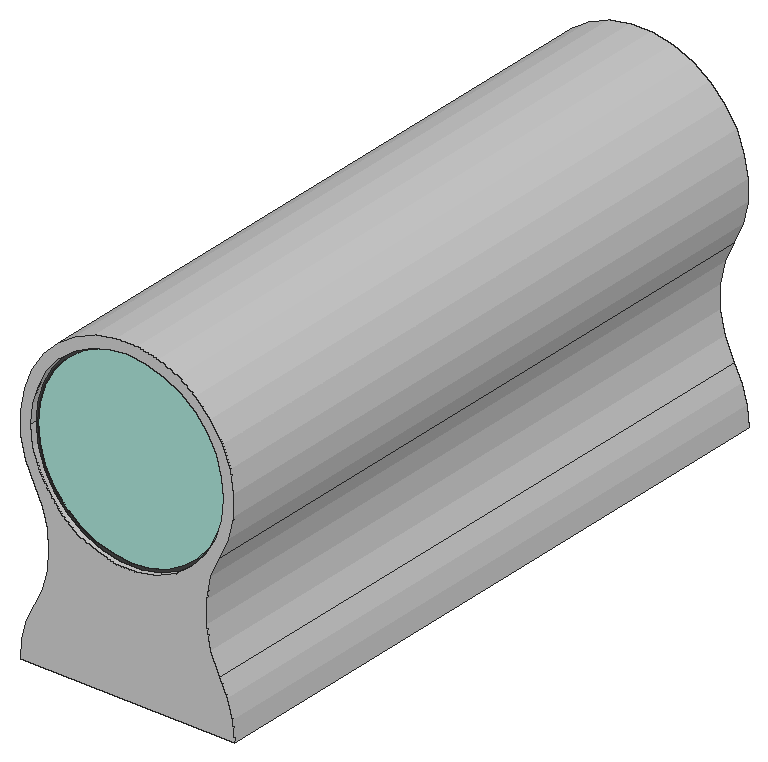
Revit family "Intono 3.1", category Lighting Fixtures, host Face, Revit 2017
Family settings
  Host = Face
  Round Connector Dimension = Use Diameter
  Part Type = Normal
  Cut with Voids When Loaded = Yes
  Light Source = Yes
  Shared = No
  Room Calculation Point = Yes
Parameters (values of type "Intono 3.1 A (3000K 10W 230Vac)")
  Wiring = "parallel"
  Width mm = 121 mm
  Weight kg = "2.20 kg"
  Wattage = 5.53379 W
  built-in parameter 1150110 = 1 (stored number, unit not read)
  Voltage = 230 V
  URL Accessories and power supply units = "https://www.lucelight.it/en/prodotto.php/122303#a-scheda-accessori"
  URL = "https://www.lucelight.it/en/prodotto.php/122303"
  built-in parameter 1114217 = 1 (stored number, unit not read)
  Tiltable = "-"
  URL Technical sheet = "https://www.lucelight.it/media/prodotti/st/ST_INTONO_31-32.pdf"
  URL Image = "https://www.lucelight.it/media/prodotti/foto/intono_3.1_still.jpg"
  URL IES Photometric file = "https://www.lucelight.it/media/prodotti/fotometrie/intono_3.1_ies.zip"
  URL General code = "https://www.lucelight.it/en/prodotto.php/122303#a-generacodice"
  URL Description = "https://www.lucelight.it/en/capitolato.php/122303"
  URL DXF = "https://www.lucelight.it/media/prodotti/dxf/intono_3.1.dxf"
  URL Catalogue = "https://www.lucelight.it/media/prodotti/mf_brochure/intono_brochure_en.pdf"
  Tilt Angle = 180.00°
  built-in parameter 1150109 = 1 (stored number, unit not read)
  built-in parameter 1150134 = (empty or 0)
  built-in parameter 1150113 = 1 (stored number, unit not read)
  Screen = L&L_Black-serigraphed
  Power supply unit = "built in"
  Power supply = "230Vac"
  Power cables = "-"
  Power = "10W"
  Photometric Web File = "INTONO 3.1 A [3000K 10W 230Vac].IES"
  Optics = "asymmetrical"
  Notes = "version compatible with Google Home or Amazon Echo available on request for voice command control; DALI version available on request"
  No. and type of led = "1 high power density COB LED, 2-step MacAdam, 50 000h L95 B10 (Ta 25°C)"
  Mounting = "surface mounted (wall)"
  Model = "Intono 3.1"
  Material = "body in die-cast aluminium, screen in black-serigraphed, tempered, transparent extra-clear glass"
  Manufacturer = "L&L Luce&Light"
  built-in parameter 1150105 = 65.413 (stored number, unit not read)
  Lumens = 822 lm
  built-in parameter 1150115 = 1 (stored number, unit not read)
  Lumen output at source = "988 lm (3000K, CRI 80), 822 lm (3000K, CRI 90)"
  built-in parameter 1150137 = (empty or 0)
  built-in parameter 1150139 = (empty or 0)
  Lens = L&L_Tempered extra-clear glass
  Length mm = 80 mm
  built-in parameter 1150112 = 1 (stored number, unit not read)
  built-in parameter 1150114 = 1 (stored number, unit not read)
  LED Colour = "3000K (also available: 2700K and 4000K - ref. URL Technical sheet)"
  built-in parameter 1150132 = 2
  built-in parameter 1150102 = (empty or 0)
  built-in parameter 1150107 = 3000 (stored number, unit not read)
  built-in parameter 1150138 = (empty or 0)
  built-in parameter 1150106 = 0.65413 (stored number, unit not read)
  IP = "IP65"
  Height mm = 240 mm
  Features = "-"
  Energy efficiency class = "A A+ A++"
  Emit from Line Length = 609.6 mm
  built-in parameter 1150104 = 13.8 (stored number, unit not read)
  Dimming Lamp Color Temperature Shift = <None>
  Description = "Wall mounted for outdoor applications"
  Delivered lumen output = "837 lm (3000K, 15°, CRI 80), 696 lm (3000K, 15°, CRI 90)"
  Default Elevation = 1219.2 mm
  Cutout dimensions = "-"
  Control system = "1-10V, ON/OFF"
  Contact = "T: +39 0444 360571; E: lucelight@lucelight.it"
  Company = "L&L Luce&Light"
  Color Filter = 16777215
  Code = "-"
  CRI = "90 (also available: CRI 80 - ref. URL Technical sheet)"
  Body = L&L_Die-cast aluminium
  built-in parameter 1114218 = 1 (stored number, unit not read)
  built-in parameter 1150133 = 10 (stored number, unit not read)
  Apparent Load Phase 1 = 10 W
  Apparent Load = 0 VA
Types (6, lengths in mm): name | Photometric Web File | Optics
  Intono 3.1 A (3000K 10W 230Vac) | "INTONO 3.1 A [3000K 10W 230Vac].IES" | "asymmetrical"
  Intono 3.1 L 43° (3000K 10W 230Vac) | "INTONO 3.1 L 43° [3000K 10W 230Vac].IES" | "43°"
  Intono 3.1 M 20° (3000K 10W 230Vac) | "INTONO 3.1 M 20° [3000K 10W 230Vac].IES" | "20°"
  Intono 3.1 S 15° (3000K 10W 230Vac) | "INTONO 3.1 S 15° [3000K 10W 230Vac].IES" | "15°"
  Intono 3.1 W (3000K 10W 230Vac) | "INTONO 3.1 W [3000K 10W 230Vac].IES" | "wall grazing"
  Intono 3.1 Z 11° (3000K 10W 230Vac) | "INTONO 3.1 Z 11° [3000K 10W 230Vac].IES" | "asymmetrical 11°"
Reference planes
  plane 1 "Center (Front/Back)": y = 0
  plane 2: z = 0
  plane 3 "Center (Left/Right)": x = 0
  plane 4: z = 30.8
Forms (mm)
  Extrusion 1, solid, material "L&L_Die-cast aluminium" <- "Body", detail levels coarse
    sketch origin (0, 120, 0.3) x (1, 0, 0) y (0, 0, 1)
      loop
        line (-40, 120.7) -> (-40, -0.3) -> (40, -0.3) -> (40, 120.7) -> (-40, 120.7)
    from 0 to 240
  Extrusion 2, solid, material "L&L_Die-cast aluminium" <- "Body", detail levels fine
    sketch origin (0, 120, 0.3) x (1, 0, 0) y (0, 0, 1)
      loop
        arc (-34.641, 60.7) -> (-29.282, 40.7) -> (-34.641, 20.7) r 40
        arc (-34.641, 20.7) -> (-38.637, 11.053) -> (-40, 0.7) r 40
        line (-40, 0.7) -> (40, 0.7)
        arc (40, 0.7) -> (38.637, 11.053) -> (34.641, 20.7) r 40
        arc (34.641, 20.7) -> (29.282, 40.7) -> (34.641, 60.7) r 40
        arc (34.641, 60.7) -> (0, 120.7) -> (-34.641, 60.7) r 40
    from 0 to 240
  Extrusion 3, void
    sketch origin (0, 0, 24.8) x (1, 0, 0) y (0, 0, 1)
      loop
        circle (0, 56.2) r 36
    from 116.95 to 129.365
  Extrusion 4, solid, material "L&L_Die-cast aluminium" <- "Body", detail levels medium
    sketch origin (0, 120, 0.3) x (1, 0, 0) y (0, 0, 1)
      loop
        arc (-34.641, 60.7) -> (-29.282, 40.7) -> (-34.641, 20.7) r 40
        arc (-34.641, 20.7) -> (-38.637, 11.053) -> (-40, 0.7) r 40
        line (-40, 0.7) -> (40, 0.7)
        arc (40, 0.7) -> (38.637, 11.053) -> (34.641, 20.7) r 40
        arc (34.641, 20.7) -> (29.282, 40.7) -> (34.641, 60.7) r 40
        arc (34.641, 60.7) -> (0, 120.7) -> (-34.641, 60.7) r 40
    from 0 to 240
  Extrusion 5, solid, detail levels medium+fine
    sketch origin (0, 0, 0) x (1, 0, 0) y (0, 1, 0)
      loop
        arc (37, 50) -> (0, 87) -> (-37, 50) r 37
        line (-37, 50) -> (-37, -50)
        arc (-37, -50) -> (0, -87) -> (37, -50) r 37
        line (37, -50) -> (37, 50)
    from 0 to 1
  Extrusion 6, solid, material "L&L_Black-serigraphed" <- "Screen", detail levels fine
    sketch origin (0, -234.65, 24.5) x (1, 0, 0) y (0, 0, 1)
      loop
        circle (0, 56.5) r 36
      loop
        circle (0, 56.5) r 35
    from -117.7 to -116.65
  Extrusion 7, solid, material "L&L_Tempered extra-clear glass" <- "Lens", detail levels fine
    sketch origin (0, -234.65, 24.5) x (1, 0, 0) y (0, 0, 1)
      loop
        circle (0, 56.5) r 35
    from -117.7 to -116.65
Cuts and joins
  Extrusion 3 cuts Extrusion 2
Dimensions and locks
  aligned and locked: plane 2 to host face
  aligned and locked: level to host face
Connectors
  electrical at (0, 0, 0), driven by "Apparent Load Phase 1", driven by "Voltage"
    settings: index 1, voltage 230 V, apparent load 0 VA, apparent load phase1 10 VA, apparent load phase2 0 VA, apparent load phase3 0 VA, power factor 1, load classification "Lighting", number of poles 1, system type 31, power factor state 1, is connector primary yes, connector utility no, sub classification motor no, connector description ""
